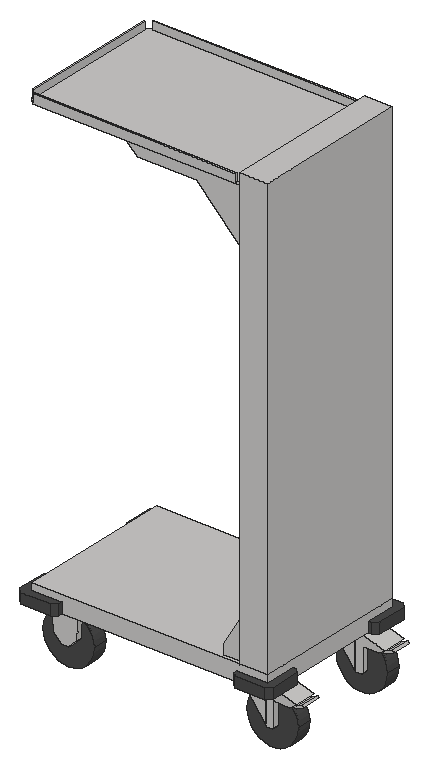
Revit family "QF_ELECTROLUXPROFESSIONAL_865136_HSTL1200", category Attrezzature speciali, Revit 2020
Family settings
  Quota connettore circolare = Usa diametro
  Tipo di parte = Normale
  Basato su piano di lavoro = No
  Sempre verticale = Sì
  Taglio con vuoti quando caricato = No
  Condiviso = No
  Punto di calcolo locali = No
Parameters (values of type "Standard")
  Weight = 0.00 kg
  Watts = 0 W
  Volts = 0 V
  URL Manufacturer = ""
  URL = ""
  Steam Supply Size = 0 mm
  Steam Supply Minimum Pressure = 0.0 Pa
  Steam Supply Maximum Pressure = 0.0 Pa
  Steam Consumption per Hour = 0
  Show Clearance [instance] = yes
  Refrigeration Suction Line Size = 0 mm
  Refrigeration Liquid Line Size = 0 mm
  Refrigerant Compressor Remote = yes
  Prospetto di default = 0 mm
  Manufacturer = ""
  Phase = 0
  Model = ""
  Length Actual = 438 mm  # constant formula
  Item Number = ""
  Hot Water Size = 0 mm
  Height Actual = 1300 mm  # constant formula
  HP = ""
  Gas Size = 0 mm
  Gas KW = 0
  Gas Input Pressure = 0 W
  Direct Waste Size = 0 mm
  Description = ""
  Depth Actual = 643 mm  # constant formula
  Cycle = 0 Hz
  Condensate Return Size = 0 mm
  Compressed Air Volume = 0.0 L/s
  Compressed Air Size = 0 mm
  Compressed Air Pressure = 0.0 Pa
  Cold Water Size = 0 mm
  Accessory = yes
Reference planes
  plane 1 "Back": y = 0
  plane 2: z = 0
  plane 3 "FRONT": y = -438
  plane 4 "LEFT": x = -126
  plane 5 "RIGHT": x = 517
  plane 6: x = 195.5
  plane 7 "Centro Avanti/Indietro": y = -219
  plane 8: z = 1300
  plane 9: z = 650
  plane 10: z = 1291.563
  plane 11: z = 1268
  plane 12: z = 1272
Forms (mm)
  Extrusion 1, solid, material "QF_Finishes_Stainless Steel"
    sketch origin (0, 0, 0) x (1, 0, 0) y (0, 1, 0)
      loop
        line (425.047, -21.163) -> (425.047, -416.837) -> (494.223, -416.837) -> (494.223, -21.163) -> (425.047, -21.163)
    from 183.831 to 1300
  Extrusion 2, solid, material "QF_Finishes_Stainless Steel"
    sketch origin (-2.5, 0, 0) x (1, 0, 0) y (0, 1, 0)
      loop
        line (-100.723, -21.163) -> (-100.723, -416.837) -> (496.723, -416.837) -> (496.723, -21.163) -> (-100.723, -21.163)
    from 140.865 to 183.831
  Extrusion 3, solid, material "QF_Finishes_Black"
    sketch origin (0, 0, 0) x (1, 0, 0) y (0, 1, 0)
      loop
        line (-112.875, 0) -> (-126, -13.125) -> (-126, -87.5) -> (-113.5, -100) -> (-103.223, -100) -> (-103.223, -21.163) -> (-26, -21.163) -> (-26, -11.25) -> (-37.25, 0) -> (-112.875, 0)
    from 140.865 to 167.144
  Extrusion 4, solid, material "QF_Finishes_Black"
    sketch origin (391, 0, 0) x (-1, 0, 0) y (0, -1, 0)
      loop
        line (-112.875, 0) -> (-37.25, 0) -> (-26, 11.25) -> (-26, 21.163) -> (-103.223, 21.163) -> (-103.223, 100) -> (-113.5, 100) -> (-126, 87.5) -> (-126, 13.125) -> (-112.875, 0)
    from 140.865 to 167.144
  Extrusion 5, solid, material "QF_Finishes_Black"
    sketch origin (0, -438, 0) x (1, 0, 0) y (0, 1, 0)
      loop
        line (-112.875, 0) -> (-37.25, 0) -> (-26, 11.25) -> (-26, 21.163) -> (-103.223, 21.163) -> (-103.223, 100) -> (-113.5, 100) -> (-126, 87.5) -> (-126, 13.125) -> (-112.875, 0)
    from 140.865 to 167.144
  Extrusion 6, solid, material "QF_Finishes_Black"
    sketch origin (391, -438, 0) x (-1, 0, 0) y (0, -1, 0)
      loop
        line (-112.875, 0) -> (-126, -13.125) -> (-126, -87.5) -> (-113.5, -100) -> (-103.223, -100) -> (-103.223, -21.163) -> (-26, -21.163) -> (-26, -11.25) -> (-37.25, 0) -> (-112.875, 0)
    from 140.865 to 167.144
  Extrusion 7, solid, material "QF_Finishes_Stainless Steel"
    sketch origin (0, 0, 0) x (1, 0, 0) y (0, 1, 0)
      loop
        line (415.695, -31.163) -> (-103.223, -31.163) -> (-116, -43.94) -> (-116, -399.703) -> (-103.223, -412.48) -> (412.552, -412.48) -> (425.047, -399.985) -> (425.047, -40.515) -> (415.695, -31.163)
    from 1268 to 1291.563
  Extrusion 8, solid, material "QF_Finishes_Stainless Steel"
    sketch origin (0, 250, 0) x (-1, 0, 0) y (0, 0, 1)
      loop
        line (-95.5, 1265.815) -> (-425.047, 1265.815) -> (-425.047, 1076.268) -> (-284.391, 1216.924) -> (-134.391, 1216.924) -> (-95.5, 1255.815) -> (-95.5, 1265.815)
    from -323.542 to -310
  Extrusion 9, solid, material "QF_Finishes_Stainless Steel"
    sketch origin (0, 250, 0) x (-1, 0, 0) y (0, 0, 1)
      loop
        line (-375.047, 183.831) -> (-375.047, 208.831) -> (-421.4, 285.976) -> (-425.047, 285.976) -> (-425.047, 183.831) -> (-375.047, 183.831)
    from -287.648 to -282.11
  Extrusion 10, solid, material "QF_Finishes_Stainless Steel"
    sketch origin (0, -688, 0) x (-1, 0, 0) y (0, 0, -1)
      loop
        line (-95.5, -1268) -> (-95.5, -1255.815) -> (-134.391, -1216.924) -> (-284.391, -1216.924) -> (-425.047, -1076.268) -> (-425.047, -1268) -> (-95.5, -1268)
    from -323.542 to -310
  Extrusion 11, solid, material "QF_Finishes_Stainless Steel"
    sketch origin (0, -688, 0) x (-1, 0, 0) y (0, 0, -1)
      loop
        line (-375.047, -183.831) -> (-425.047, -183.831) -> (-425.047, -285.976) -> (-421.4, -285.976) -> (-375.047, -208.831) -> (-375.047, -183.831)
    from -287.648 to -282.11
  Extrusion 12, solid, material "QF_Finishes_Stainless Steel"
    sketch origin (0, 252.5, 0) x (-1, 0, 0) y (0, 0, 1)
      loop
        line (71.644, 140.865) -> (3.871, 140.865) -> (8.595, 73.298) -> (28.382, 53.511) -> (47.132, 53.511) -> (66.919, 73.298) -> (71.644, 140.865)
    from -644.885 to -633
  Extrusion 13, solid, material "QF_Finishes_Stainless Steel"
    sketch origin (0, 252.5, 0) x (-1, 0, 0) y (0, 0, 1)
      loop
        line (-407, 140.865) -> (-469.711, 140.865) -> (-469.711, 52.645) -> (-407, 135.865) -> (-407, 140.865)
    from -644.885 to -633
  Extrusion 14, solid, material "QF_Finishes_Stainless Steel"
    sketch origin (0, 250, 0) x (-1, 0, 0) y (0, 0, 1)
      loop
        line (-469.711, 52.645) -> (-469.711, 140.865) -> (-488.079, 140.865) -> (-546.553, 122.988) -> (-531.782, 112.645) -> (-491.782, 112.645) -> (-491.782, 52.645) -> (-488.246, 49.109) -> (-473.246, 49.109) -> (-469.711, 52.645)
    from -642.385 to -583.643
  Extrusion 15, solid, material "QF_Finishes_Stainless Steel"
    sketch origin (0, 250, 0) x (-1, 0, 0) y (0, 0, 1)
      loop
        line (-535.479, 115.234) -> (-543.494, 120.846) -> (-545.533, 118.807) -> (-561.019, 126.028) -> (-563.519, 121.698) -> (-546.199, 111.698) -> (-539.015, 111.698) -> (-535.479, 115.234)
    from -637.031 to -590
  Extrusion 16, solid, material "QF_Finishes_Stainless Steel"
    sketch origin (0, -978.528, 0) x (-1, 0, 0) y (0, 0, -1)
      loop
        line (71.644, -140.865) -> (66.919, -73.298) -> (47.132, -53.511) -> (28.382, -53.511) -> (8.595, -73.298) -> (3.871, -140.865) -> (71.644, -140.865)
    from -644.885 to -633
  Extrusion 17, solid, material "QF_Finishes_Stainless Steel"
    sketch origin (0, -978.528, 0) x (-1, 0, 0) y (0, 0, -1)
      loop
        line (-407, -140.865) -> (-407, -135.865) -> (-469.711, -52.645) -> (-469.711, -140.865) -> (-407, -140.865)
    from -644.885 to -633
  Extrusion 18, solid, material "QF_Finishes_Stainless Steel"
    sketch origin (0, -695.5, 0) x (-1, 0, 0) y (0, 0, -1)
      loop
        line (71.644, -140.865) -> (66.919, -73.298) -> (47.132, -53.511) -> (28.382, -53.511) -> (8.595, -73.298) -> (3.871, -140.865) -> (71.644, -140.865)
    from -644.885 to -633
  Extrusion 19, solid, material "QF_Finishes_Stainless Steel"
    sketch origin (0, -695.5, 0) x (-1, 0, 0) y (0, 0, -1)
      loop
        line (-407, -140.865) -> (-407, -135.865) -> (-469.711, -52.645) -> (-469.711, -140.865) -> (-407, -140.865)
    from -644.885 to -633
  Extrusion 20, solid, material "QF_Finishes_Stainless Steel"
    sketch origin (0, -693, 0) x (-1, 0, 0) y (0, 0, -1)
      loop
        line (-469.711, -52.645) -> (-473.246, -49.109) -> (-488.246, -49.109) -> (-491.782, -52.645) -> (-491.782, -112.645) -> (-531.782, -112.645) -> (-546.553, -122.988) -> (-488.079, -140.865) -> (-469.711, -140.865) -> (-469.711, -52.645)
    from -642.385 to -583.643
  Extrusion 21, solid, material "QF_Finishes_Stainless Steel"
    sketch origin (0, -693, 0) x (-1, 0, 0) y (0, 0, -1)
      loop
        line (-535.479, -115.234) -> (-539.015, -111.698) -> (-546.199, -111.698) -> (-563.519, -121.698) -> (-561.019, -126.028) -> (-545.533, -118.807) -> (-543.494, -120.846) -> (-535.479, -115.234)
    from -637.031 to -590
  Extrusion 22, solid, material "QF_Finishes_Stainless Steel"
    sketch origin (0, 535.528, 0) x (-1, 0, 0) y (0, 0, 1)
      loop
        line (71.644, 140.865) -> (3.871, 140.865) -> (8.595, 73.298) -> (28.382, 53.511) -> (47.132, 53.511) -> (66.919, 73.298) -> (71.644, 140.865)
    from -644.885 to -633
  Extrusion 23, solid, material "QF_Finishes_Stainless Steel"
    sketch origin (0, 535.528, 0) x (-1, 0, 0) y (0, 0, 1)
      loop
        line (-407, 140.865) -> (-469.711, 140.865) -> (-469.711, 52.645) -> (-407, 135.865) -> (-407, 140.865)
    from -644.885 to -633
  Extrusion 24, solid, material "QF_Finishes_Black"
    sketch origin (0, 250, 1.25) x (-1, 0, 0) y (0, 0, 1)
      loop
        circle (37.949, 63.776) r 65
    from -630.5 to -595.528
  Extrusion 25, solid, material "QF_Finishes_Black"
    sketch origin (441, 250, 1.25) x (1, 0, 0) y (0, 0, -1)
      loop
        circle (37.949, -63.776) r 65
    from -630.5 to -595.528
  Extrusion 26, solid, material "QF_Finishes_Black"
    sketch origin (0, -693, 1.25) x (-1, 0, 0) y (0, 0, -1)
      loop
        circle (37.949, -63.776) r 65
    from -630.5 to -595.528
  Extrusion 27, solid, material "QF_Finishes_Black"
    sketch origin (441, -693, 1.25) x (1, 0, 0) y (0, 0, 1)
      loop
        circle (37.949, 63.776) r 65
    from -630.5 to -595.528
  Extrusion 28, void
    sketch origin (441, -693, 1.25) x (1, 0, 0) y (0, 0, 1)
      loop
        circle (37.949, 63.776) r 65
    from -630.5 to -595.528
  Extrusion 29, void
    sketch origin (441, 250, 1.25) x (1, 0, 0) y (0, 0, -1)
      loop
        circle (37.949, -63.776) r 65
    from -630.5 to -595.528
  Extrusion 30, void
    sketch origin (0, 0, 0) x (1, 0, 0) y (0, 1, 0)
      loop
        line (414.038, -35.163) -> (-101.566, -35.163) -> (-101.566, -7.12) -> (-133.853, -45.597) -> (-112, -45.597) -> (-112, -398.046) -> (-132, -398.046) -> (-101.566, -428.48) -> (-101.566, -408.48) -> (410.895, -408.48) -> (410.895, -423.48) -> (430.335, -398.953) -> (421.047, -398.953) -> (421.047, -42.172) -> (436.047, -42.172) -> (414.038, -20.163) -> (414.038, -35.163)
    from 1272 to 1300
Cuts and joins
  Extrusion 28 cuts Extrusion 20
  Extrusion 29 cuts Extrusion 14
  Extrusion 30 cuts Extrusion 7
Dimensions and locks
  plane 5 "RIGHT" to plane 4 "LEFT" = 643 mm
  plane 4 "LEFT" to plane 5 "RIGHT" = 643 mm
  plane 3 "FRONT" to plane 1 "Back" = 438 mm
  plane 1 "Back" to plane 3 "FRONT" = 438 mm
  equal spacing: plane 4 "LEFT", plane 6, plane 5 "RIGHT"
  equal spacing: plane 3 "FRONT", plane 7 "Centro Avanti/Indietro", plane 1 "Back"
  equal spacing: plane 8, plane 9, plane 2
  plane 8 to plane 2 = 1300 mm
  locked: plane 12 to plane 11 at 4
  locked: plane 8 to plane 10 at 8.437
  plane 8 to plane 11 = 32 mm
  aligned and locked: level to plane 2
  aligned and locked: plane 8 to Extrusion 1
  aligned and locked: Extrusion 7 to plane 10
  aligned and locked: plane 11 to Extrusion 7
  aligned and locked: Extrusion 10 to cut or joined group of Extrusion 7, Extrusion 30
  aligned and locked: Extrusion 30 to plane 12
  aligned and locked: plane 8 to Extrusion 30
Automatic sketch dimensions
  plane 3 "FRONT" to Extrusion 1 sketch curve = 21.163 mm
  plane 5 "RIGHT" to Extrusion 1 sketch curve = 91.953 mm
  plane 5 "RIGHT" to Extrusion 1 sketch curve = 22.777 mm
  plane 1 "Back" to Extrusion 1 sketch curve = 21.163 mm
  plane 4 "LEFT" to Extrusion 2 sketch curve = 22.777 mm
  plane 5 "RIGHT" to Extrusion 2 sketch curve = 22.777 mm
  plane 3 "FRONT" to Extrusion 2 sketch curve = 21.163 mm
  plane 1 "Back" to Extrusion 2 sketch curve = 21.163 mm
  Extrusion 3 sketch curve to plane 4 "LEFT" = 0 mm
  plane 1 "Back" to Extrusion 3 sketch curve = 0 mm
  plane 4 "LEFT" to Extrusion 3 sketch curve = 12.5 mm
  plane 4 "LEFT" to Extrusion 3 sketch curve = 13.125 mm
  Extrusion 3 sketch curve to Extrusion 3 sketch curve = 10.277 mm
  Extrusion 3 sketch curve to Extrusion 3 sketch curve = 65.973 mm
  Extrusion 3 sketch curve to Extrusion 3 sketch curve = 11.25 mm
  plane 1 "Back" to Extrusion 3 sketch curve = 11.25 mm
  plane 1 "Back" to Extrusion 3 sketch curve = 13.125 mm
  Extrusion 3 sketch curve to Extrusion 3 sketch curve = 9.913 mm
  Extrusion 3 sketch curve to Extrusion 3 sketch curve = 66.337 mm
  Extrusion 3 sketch curve to Extrusion 3 sketch curve = 12.5 mm
  Extrusion 4 sketch curve to plane 5 "RIGHT" = 0 mm
  plane 1 "Back" to Extrusion 4 sketch curve = 0 mm
  Extrusion 4 sketch curve to plane 5 "RIGHT" = 12.5 mm
  Extrusion 4 sketch curve to plane 5 "RIGHT" = 13.125 mm
  Extrusion 4 sketch curve to Extrusion 4 sketch curve = 10.277 mm
  Extrusion 4 sketch curve to Extrusion 4 sketch curve = 65.973 mm
  Extrusion 4 sketch curve to Extrusion 4 sketch curve = 11.25 mm
  Extrusion 4 sketch curve to plane 1 "Back" = 11.25 mm
  Extrusion 4 sketch curve to plane 1 "Back" = 13.125 mm
  Extrusion 4 sketch curve to Extrusion 4 sketch curve = 9.913 mm
  Extrusion 4 sketch curve to Extrusion 4 sketch curve = 66.337 mm
  Extrusion 4 sketch curve to Extrusion 4 sketch curve = 12.5 mm
  Extrusion 5 sketch curve to plane 4 "LEFT" = 0 mm
  Extrusion 5 sketch curve to plane 3 "FRONT" = 0 mm
  Extrusion 5 sketch curve to plane 4 "LEFT" = 12.5 mm
  Extrusion 5 sketch curve to plane 4 "LEFT" = 13.125 mm
  Extrusion 5 sketch curve to Extrusion 5 sketch curve = 10.277 mm
  Extrusion 5 sketch curve to Extrusion 5 sketch curve = 65.973 mm
  Extrusion 5 sketch curve to Extrusion 5 sketch curve = 11.25 mm
  Extrusion 5 sketch curve to plane 3 "FRONT" = 11.25 mm
  Extrusion 5 sketch curve to plane 3 "FRONT" = 13.125 mm
  Extrusion 5 sketch curve to Extrusion 5 sketch curve = 9.913 mm
  Extrusion 5 sketch curve to Extrusion 5 sketch curve = 66.337 mm
  Extrusion 5 sketch curve to Extrusion 5 sketch curve = 12.5 mm
  Extrusion 6 sketch curve to plane 5 "RIGHT" = 0 mm
  Extrusion 6 sketch curve to plane 3 "FRONT" = 0 mm
  plane 5 "RIGHT" to Extrusion 6 sketch curve = 12.5 mm
  plane 5 "RIGHT" to Extrusion 6 sketch curve = 13.125 mm
  Extrusion 6 sketch curve to Extrusion 6 sketch curve = 10.277 mm
  Extrusion 6 sketch curve to Extrusion 6 sketch curve = 65.973 mm
  Extrusion 6 sketch curve to Extrusion 6 sketch curve = 11.25 mm
  plane 3 "FRONT" to Extrusion 6 sketch curve = 11.25 mm
  plane 3 "FRONT" to Extrusion 6 sketch curve = 13.125 mm
  Extrusion 6 sketch curve to Extrusion 6 sketch curve = 9.913 mm
  Extrusion 6 sketch curve to Extrusion 6 sketch curve = 66.337 mm
  Extrusion 6 sketch curve to Extrusion 6 sketch curve = 12.5 mm
  plane 4 "LEFT" to Extrusion 7 sketch curve = 10 mm
  Extrusion 7 sketch curve to Extrusion 7 sketch curve = 12.777 mm  (x4)
  plane 3 "FRONT" to Extrusion 7 sketch curve = 25.52 mm
  plane 5 "RIGHT" to Extrusion 7 sketch curve = 104.448 mm
  plane 1 "Back" to Extrusion 7 sketch curve = 31.163 mm
  plane 5 "RIGHT" to Extrusion 7 sketch curve = 101.305 mm
  plane 3 "FRONT" to Extrusion 7 sketch curve = 38.015 mm
  Extrusion 7 sketch curve to Extrusion 7 sketch curve = 12.495 mm
  Extrusion 7 sketch curve to Extrusion 7 sketch curve = 9.352 mm
  Extrusion 8 sketch curve to plane 8 = 34.185 mm
  plane 5 "RIGHT" to Extrusion 8 sketch curve = 91.953 mm
  plane 6 to Extrusion 8 sketch curve = 88.891 mm
  Extrusion 8 sketch curve to plane 6 = 61.109 mm
  Extrusion 8 sketch curve to Extrusion 8 sketch curve = 38.891 mm
  Extrusion 8 sketch curve to Extrusion 8 sketch curve = 10 mm
  Extrusion 8 sketch curve to plane 8 = 83.076 mm
  Extrusion 8 sketch curve to Extrusion 8 sketch curve = 189.547 mm
  plane 5 "RIGHT" to Extrusion 9 sketch curve = 91.953 mm
  Extrusion 9 sketch curve to Extrusion 9 sketch curve = 3.647 mm
  Extrusion 9 sketch curve to Extrusion 9 sketch curve = 50 mm
  level to Extrusion 9 sketch curve = 183.831 mm
  Extrusion 9 sketch curve to Extrusion 9 sketch curve = 25 mm
  Extrusion 9 sketch curve to Extrusion 9 sketch curve = 77.145 mm
  Extrusion 10 sketch curve to plane 8 = 32 mm
  plane 5 "RIGHT" to Extrusion 10 sketch curve = 91.953 mm
  plane 6 to Extrusion 10 sketch curve = 88.891 mm
  Extrusion 10 sketch curve to plane 6 = 61.109 mm
  Extrusion 10 sketch curve to Extrusion 10 sketch curve = 38.891 mm
  Extrusion 10 sketch curve to Extrusion 10 sketch curve = 12.185 mm
  Extrusion 10 sketch curve to plane 8 = 83.076 mm
  Extrusion 10 sketch curve to Extrusion 10 sketch curve = 191.732 mm
  plane 5 "RIGHT" to Extrusion 11 sketch curve = 91.953 mm
  Extrusion 11 sketch curve to Extrusion 11 sketch curve = 3.647 mm
  Extrusion 11 sketch curve to Extrusion 11 sketch curve = 50 mm
  level to Extrusion 11 sketch curve = 285.976 mm
  Extrusion 11 sketch curve to Extrusion 11 sketch curve = 77.145 mm
  Extrusion 11 sketch curve to Extrusion 11 sketch curve = 25 mm
  plane 4 "LEFT" to Extrusion 12 sketch curve = 122.129 mm
  Extrusion 12 sketch curve to Extrusion 12 sketch curve = 4.725 mm
  Extrusion 12 sketch curve to Extrusion 12 sketch curve = 19.787 mm  (x4)
  Extrusion 12 sketch curve to Extrusion 12 sketch curve = 18.75 mm
  plane 4 "LEFT" to Extrusion 12 sketch curve = 54.356 mm
  level to Extrusion 12 sketch curve = 53.511 mm
  Extrusion 12 sketch curve to Extrusion 12 sketch curve = 67.567 mm
  plane 5 "RIGHT" to Extrusion 13 sketch curve = 47.289 mm
  Extrusion 13 sketch curve to Extrusion 13 sketch curve = 62.711 mm
  level to Extrusion 13 sketch curve = 52.645 mm
  Extrusion 13 sketch curve to Extrusion 13 sketch curve = 83.22 mm
  Extrusion 13 sketch curve to Extrusion 13 sketch curve = 5 mm
  Extrusion 14 sketch curve to plane 5 "RIGHT" = 29.553 mm
  Extrusion 14 sketch curve to plane 5 "RIGHT" = 14.782 mm
  plane 5 "RIGHT" to Extrusion 14 sketch curve = 25.218 mm
  Extrusion 14 sketch curve to Extrusion 14 sketch curve = 3.536 mm  (x4)
  Extrusion 14 sketch curve to Extrusion 14 sketch curve = 3.703 mm
  Extrusion 14 sketch curve to Extrusion 14 sketch curve = 15 mm
  level to Extrusion 14 sketch curve = 49.109 mm
  Extrusion 14 sketch curve to Extrusion 14 sketch curve = 60 mm
  Extrusion 14 sketch curve to Extrusion 14 sketch curve = 10.343 mm
  Extrusion 14 sketch curve to Extrusion 14 sketch curve = 28.22 mm
  Extrusion 15 sketch curve to plane 5 "RIGHT" = 46.519 mm
  Extrusion 15 sketch curve to Extrusion 15 sketch curve = 2.5 mm
  Extrusion 15 sketch curve to Extrusion 15 sketch curve = 17.321 mm
  Extrusion 15 sketch curve to Extrusion 15 sketch curve = 0.665 mm
  Extrusion 15 sketch curve to Extrusion 15 sketch curve = 2.039 mm  (x2)
  Extrusion 15 sketch curve to Extrusion 15 sketch curve = 7.184 mm
  Extrusion 15 sketch curve to Extrusion 15 sketch curve = 3.536 mm  (x2)
  level to Extrusion 15 sketch curve = 111.698 mm
  Extrusion 15 sketch curve to Extrusion 15 sketch curve = 7.109 mm
  Extrusion 15 sketch curve to Extrusion 15 sketch curve = 2.891 mm
  plane 4 "LEFT" to Extrusion 16 sketch curve = 122.129 mm
  Extrusion 16 sketch curve to Extrusion 16 sketch curve = 4.725 mm
  Extrusion 16 sketch curve to Extrusion 16 sketch curve = 19.787 mm  (x3)
  Extrusion 16 sketch curve to Extrusion 16 sketch curve = 18.75 mm
  plane 4 "LEFT" to Extrusion 16 sketch curve = 54.356 mm
  level to Extrusion 16 sketch curve = 140.865 mm
  Extrusion 16 sketch curve to Extrusion 16 sketch curve = 67.567 mm
  Extrusion 16 sketch curve to Extrusion 16 sketch curve = 0 mm
  plane 5 "RIGHT" to Extrusion 17 sketch curve = 47.289 mm
  Extrusion 17 sketch curve to Extrusion 17 sketch curve = 62.711 mm
  level to Extrusion 17 sketch curve = 140.865 mm
  Extrusion 17 sketch curve to Extrusion 17 sketch curve = 5 mm
  level to Extrusion 17 sketch curve = 52.645 mm
  plane 4 "LEFT" to Extrusion 18 sketch curve = 122.129 mm
  Extrusion 18 sketch curve to Extrusion 18 sketch curve = 4.725 mm
  Extrusion 18 sketch curve to Extrusion 18 sketch curve = 19.787 mm  (x3)
  Extrusion 18 sketch curve to Extrusion 18 sketch curve = 18.75 mm
  plane 4 "LEFT" to Extrusion 18 sketch curve = 54.356 mm
  level to Extrusion 18 sketch curve = 140.865 mm
  Extrusion 18 sketch curve to Extrusion 18 sketch curve = 67.567 mm
  Extrusion 18 sketch curve to Extrusion 18 sketch curve = 0 mm
  plane 5 "RIGHT" to Extrusion 19 sketch curve = 47.289 mm
  Extrusion 19 sketch curve to Extrusion 19 sketch curve = 62.711 mm
  level to Extrusion 19 sketch curve = 140.865 mm
  Extrusion 19 sketch curve to Extrusion 19 sketch curve = 5 mm
  level to Extrusion 19 sketch curve = 52.645 mm
  Extrusion 20 sketch curve to plane 5 "RIGHT" = 29.553 mm
  Extrusion 20 sketch curve to plane 5 "RIGHT" = 14.782 mm
  plane 5 "RIGHT" to Extrusion 20 sketch curve = 25.218 mm
  Extrusion 20 sketch curve to Extrusion 20 sketch curve = 3.536 mm  (x3)
  Extrusion 20 sketch curve to Extrusion 20 sketch curve = 3.703 mm
  Extrusion 20 sketch curve to Extrusion 20 sketch curve = 15 mm
  level to Extrusion 20 sketch curve = 140.865 mm
  Extrusion 20 sketch curve to Extrusion 20 sketch curve = 17.877 mm
  Extrusion 20 sketch curve to Extrusion 20 sketch curve = 10.343 mm
  level to Extrusion 20 sketch curve = 52.645 mm
  Extrusion 20 sketch curve to Extrusion 20 sketch curve = 0 mm
  Extrusion 21 sketch curve to plane 5 "RIGHT" = 46.519 mm
  Extrusion 21 sketch curve to Extrusion 21 sketch curve = 2.5 mm
  Extrusion 21 sketch curve to Extrusion 21 sketch curve = 17.321 mm
  Extrusion 21 sketch curve to Extrusion 21 sketch curve = 0.665 mm
  Extrusion 21 sketch curve to Extrusion 21 sketch curve = 2.039 mm  (x2)
  Extrusion 21 sketch curve to Extrusion 21 sketch curve = 7.184 mm
  Extrusion 21 sketch curve to Extrusion 21 sketch curve = 3.536 mm  (x2)
  level to Extrusion 21 sketch curve = 126.028 mm
  Extrusion 21 sketch curve to Extrusion 21 sketch curve = 4.33 mm
  Extrusion 21 sketch curve to Extrusion 21 sketch curve = 9.148 mm
  plane 4 "LEFT" to Extrusion 22 sketch curve = 122.129 mm
  Extrusion 22 sketch curve to Extrusion 22 sketch curve = 4.725 mm
  Extrusion 22 sketch curve to Extrusion 22 sketch curve = 19.787 mm  (x4)
  Extrusion 22 sketch curve to Extrusion 22 sketch curve = 18.75 mm
  plane 4 "LEFT" to Extrusion 22 sketch curve = 54.356 mm
  level to Extrusion 22 sketch curve = 53.511 mm
  Extrusion 22 sketch curve to Extrusion 22 sketch curve = 67.567 mm
  plane 5 "RIGHT" to Extrusion 23 sketch curve = 47.289 mm
  Extrusion 23 sketch curve to Extrusion 23 sketch curve = 62.711 mm
  level to Extrusion 23 sketch curve = 52.645 mm
  Extrusion 23 sketch curve to Extrusion 23 sketch curve = 83.22 mm
  Extrusion 23 sketch curve to Extrusion 23 sketch curve = 5 mm
  plane 4 "LEFT" to Extrusion 24 sketch curve = 88.051 mm
  level to Extrusion 24 sketch curve = 65.026 mm
  plane 5 "RIGHT" to Extrusion 25 sketch curve = 38.051 mm
  level to Extrusion 25 sketch curve = 65.026 mm
  plane 4 "LEFT" to Extrusion 26 sketch curve = 88.051 mm
  level to Extrusion 26 sketch curve = 65.026 mm
  plane 5 "RIGHT" to Extrusion 27 sketch curve = 38.051 mm
  level to Extrusion 27 sketch curve = 65.026 mm
  plane 5 "RIGHT" to Extrusion 28 sketch curve = 38.051 mm
  level to Extrusion 28 sketch curve = 65.026 mm
  plane 5 "RIGHT" to Extrusion 29 sketch curve = 38.051 mm
  level to Extrusion 29 sketch curve = 65.026 mm
  Extrusion 30 sketch curve to plane 4 "LEFT" = 7.853 mm
  Extrusion 30 sketch curve to plane 4 "LEFT" = 6 mm
  plane 4 "LEFT" to Extrusion 30 sketch curve = 14 mm
  Extrusion 30 sketch curve to Extrusion 30 sketch curve = 10.434 mm  (x4)
  plane 3 "FRONT" to Extrusion 30 sketch curve = 14.52 mm
  plane 5 "RIGHT" to Extrusion 30 sketch curve = 106.105 mm
  plane 1 "Back" to Extrusion 30 sketch curve = 35.163 mm
  plane 5 "RIGHT" to Extrusion 30 sketch curve = 102.962 mm
  Extrusion 30 sketch curve to Extrusion 30 sketch curve = 10.152 mm
  plane 3 "FRONT" to Extrusion 30 sketch curve = 39.047 mm
  Extrusion 30 sketch curve to Extrusion 30 sketch curve = 9.288 mm
  Extrusion 30 sketch curve to Extrusion 30 sketch curve = 15 mm
  plane 3 "FRONT" to Extrusion 30 sketch curve = 9.52 mm
  Extrusion 30 sketch curve to Extrusion 30 sketch curve = 9.527 mm
  Extrusion 30 sketch curve to Extrusion 30 sketch curve = 7.009 mm
  plane 1 "Back" to Extrusion 30 sketch curve = 7.12 mm
  plane 1 "Back" to Extrusion 30 sketch curve = 20.163 mm
  radius of Extrusion 24 sketch curve = 65 mm
  radius of Extrusion 25 sketch curve = 65 mm
  radius of Extrusion 26 sketch curve = 65 mm
  radius of Extrusion 27 sketch curve = 65 mm
  radius of Extrusion 28 sketch curve = 65 mm
  radius of Extrusion 29 sketch curve = 65 mm
